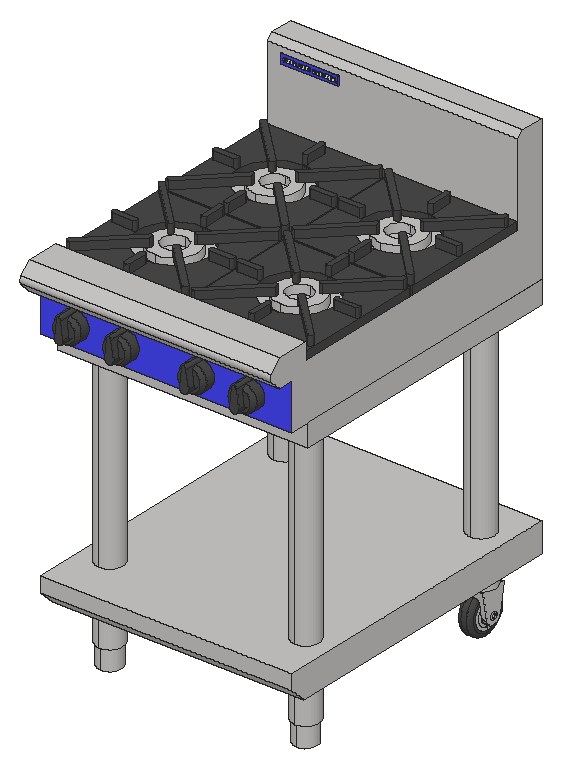
Revit family "QF_MOFFAT_BLUESEAL_CE_G514D-LS", category Specialty Equipment, Revit 2012 (continued)
Definition of nested family "GAS BURNER 600"
  Forms (mm)
    Extrusion 5, solid, material "QF_Finishes_Black"
      sketch origin (600, 0, 19.5) x (0, -1, 0) y (1, 0, 0)
        loop
          spline (561.898, -143.6) -> (560.604, -143.818) -> (559.398, -144.457) -> (558.362, -145.475) -> (557.568, -146.8) -> (557.068, -148.344) -> (556.898, -150) -> (557.068, -151.656) -> (557.568, -153.2) -> (558.362, -154.525) -> (559.398, -155.543) -> (560.604, -156.182) -> (561.898, -156.4)
          line (561.898, -156.4) -> (609.602, -156.4)
          spline (609.602, -156.4) -> (610.896, -156.182) -> (612.102, -155.543) -> (613.138, -154.525) -> (613.932, -153.2) -> (614.432, -151.656) -> (614.602, -150) -> (614.432, -148.344) -> (613.932, -146.8) -> (613.138, -145.475) -> (612.102, -144.457) -> (610.896, -143.818) -> (609.602, -143.6)
        loop
          spline (612.398, -15.153) -> (613.159, -14.084) -> (613.559, -12.779) -> (613.572, -11.328) -> (613.197, -9.829) -> (612.459, -8.384) -> (611.408, -7.092) -> (610.116, -6.041) -> (608.671, -5.303) -> (607.172, -4.928) -> (605.721, -4.941) -> (604.416, -5.341) -> (603.347, -6.102)
          line (603.347, -6.102) -> (496.924, -114.025)
          spline (496.924, -114.025) -> (496.163, -115.095) -> (495.762, -116.399) -> (495.749, -117.851) -> (496.125, -119.35) -> (496.863, -120.795) -> (497.914, -122.086) -> (499.205, -123.137) -> (500.65, -123.875) -> (502.149, -124.251) -> (503.601, -124.238) -> (504.905, -123.837) -> (505.975, -123.076)
          line (505.975, -123.076) -> (612.398, -15.153)
        loop
          spline (476.4, -8.898) -> (476.182, -7.604) -> (475.543, -6.398) -> (474.525, -5.362) -> (473.2, -4.568) -> (471.656, -4.068) -> (470, -3.898) -> (468.344, -4.068) -> (466.8, -4.568) -> (465.475, -5.362) -> (464.457, -6.398) -> (463.818, -7.604) -> (463.6, -8.898)
          line (463.6, -8.898) -> (463.6, -58.102)
          spline (463.6, -58.102) -> (463.818, -59.396) -> (464.457, -60.602) -> (465.475, -61.638) -> (466.8, -62.432) -> (468.344, -62.932) -> (470, -63.102) -> (471.656, -62.932) -> (473.2, -62.432) -> (474.525, -61.638) -> (475.543, -60.602) -> (476.182, -59.396) -> (476.4, -58.102)
          line (476.4, -58.102) -> (476.4, -8.898)
        loop
          line (22.602, -15.153) -> (130.525, -123.076)
          spline (130.525, -123.076) -> (131.595, -123.837) -> (132.899, -124.238) -> (134.351, -124.251) -> (135.85, -123.875) -> (137.295, -123.137) -> (138.586, -122.086) -> (139.637, -120.795) -> (140.375, -119.35) -> (140.751, -117.851) -> (140.738, -116.399) -> (140.337, -115.095) -> (139.576, -114.025)
          line (139.576, -114.025) -> (31.653, -6.102)
          spline (31.653, -6.102) -> (30.424, -5.181) -> (28.97, -4.631) -> (27.39, -4.49) -> (25.792, -4.767) -> (24.286, -5.443) -> (22.973, -6.473) -> (21.943, -7.786) -> (21.267, -9.292) -> (20.99, -10.89) -> (21.131, -12.47) -> (21.681, -13.924) -> (22.602, -15.153)
        loop
          line (25.398, -156.4) -> (74.602, -156.4)
          spline (74.602, -156.4) -> (75.896, -156.182) -> (77.102, -155.543) -> (78.138, -154.525) -> (78.932, -153.2) -> (79.432, -151.656) -> (79.602, -150) -> (79.432, -148.344) -> (78.932, -146.8) -> (78.138, -145.475) -> (77.102, -144.457) -> (75.896, -143.818) -> (74.602, -143.6)
          line (74.602, -143.6) -> (25.398, -143.6)
          spline (25.398, -143.6) -> (24.104, -143.818) -> (22.898, -144.457) -> (21.862, -145.475) -> (21.068, -146.8) -> (20.568, -148.344) -> (20.398, -150) -> (20.568, -151.656) -> (21.068, -153.2) -> (21.862, -154.525) -> (22.898, -155.543) -> (24.104, -156.182) -> (25.398, -156.4)
        loop
          line (31.653, -293.898) -> (139.576, -185.975)
          spline (139.576, -185.975) -> (140.337, -184.905) -> (140.738, -183.601) -> (140.751, -182.149) -> (140.375, -180.65) -> (139.637, -179.205) -> (138.586, -177.914) -> (137.295, -176.863) -> (135.85, -176.125) -> (134.351, -175.749) -> (132.899, -175.762) -> (131.595, -176.163) -> (130.525, -176.924)
          line (130.525, -176.924) -> (22.602, -284.847)
          spline (22.602, -284.847) -> (21.841, -285.916) -> (21.441, -287.221) -> (21.428, -288.672) -> (21.803, -290.171) -> (22.541, -291.616) -> (23.592, -292.908) -> (24.884, -293.959) -> (26.329, -294.697) -> (27.828, -295.072) -> (29.279, -295.059) -> (30.584, -294.659) -> (31.653, -293.898)
        loop
          spline (160.1, -291.102) -> (160.318, -292.396) -> (160.957, -293.602) -> (161.975, -294.638) -> (163.3, -295.432) -> (164.844, -295.932) -> (166.5, -296.102) -> (168.156, -295.932) -> (169.7, -295.432) -> (171.025, -294.638) -> (172.043, -293.602) -> (172.682, -292.396) -> (172.9, -291.102)
          line (172.9, -291.102) -> (172.9, -241.898)
          spline (172.9, -241.898) -> (172.682, -240.604) -> (172.043, -239.398) -> (171.025, -238.362) -> (169.7, -237.568) -> (168.156, -237.068) -> (166.5, -236.898) -> (164.844, -237.068) -> (163.3, -237.568) -> (161.975, -238.362) -> (160.957, -239.398) -> (160.318, -240.604) -> (160.1, -241.898)
          line (160.1, -241.898) -> (160.1, -291.102)
        loop
          line (313.898, -284.847) -> (202.475, -176.924)
          spline (202.475, -176.924) -> (201.405, -176.163) -> (200.101, -175.762) -> (198.649, -175.749) -> (197.15, -176.125) -> (195.705, -176.863) -> (194.414, -177.914) -> (193.363, -179.205) -> (192.625, -180.65) -> (192.249, -182.149) -> (192.262, -183.601) -> (192.663, -184.905) -> (193.424, -185.975)
          line (193.424, -185.975) -> (304.847, -293.898)
          spline (304.847, -293.898) -> (305.916, -294.659) -> (307.221, -295.059) -> (308.672, -295.072) -> (310.171, -294.697) -> (311.616, -293.959) -> (312.908, -292.908) -> (313.959, -291.616) -> (314.697, -290.171) -> (315.072, -288.672) -> (315.059, -287.221) -> (314.659, -285.916) -> (313.898, -284.847)
        loop
          line (311.102, -143.6) -> (261.898, -143.6)
          spline (261.898, -143.6) -> (260.604, -143.818) -> (259.398, -144.457) -> (258.362, -145.475) -> (257.568, -146.8) -> (257.068, -148.344) -> (256.898, -150) -> (257.068, -151.656) -> (257.568, -153.2) -> (258.362, -154.525) -> (259.398, -155.543) -> (260.604, -156.182) -> (261.898, -156.4)
          line (261.898, -156.4) -> (311.102, -156.4)
          spline (311.102, -156.4) -> (312.396, -156.182) -> (313.602, -155.543) -> (314.638, -154.525) -> (315.432, -153.2) -> (315.932, -151.656) -> (316.102, -150) -> (315.932, -148.344) -> (315.432, -146.8) -> (314.638, -145.475) -> (313.602, -144.457) -> (312.396, -143.818) -> (311.102, -143.6)
        loop
          spline (313.898, -15.153) -> (314.659, -14.084) -> (315.059, -12.779) -> (315.072, -11.328) -> (314.697, -9.829) -> (313.959, -8.384) -> (312.908, -7.092) -> (311.616, -6.041) -> (310.171, -5.303) -> (308.672, -4.928) -> (307.221, -4.941) -> (305.916, -5.341) -> (304.847, -6.102)
          line (304.847, -6.102) -> (193.424, -114.025)
          spline (193.424, -114.025) -> (192.663, -115.095) -> (192.262, -116.399) -> (192.249, -117.851) -> (192.625, -119.35) -> (193.363, -120.795) -> (194.414, -122.086) -> (195.705, -123.137) -> (197.15, -123.875) -> (198.649, -124.251) -> (200.101, -124.238) -> (201.405, -123.837) -> (202.475, -123.076)
          line (202.475, -123.076) -> (313.898, -15.153)
        loop
          spline (172.9, -8.898) -> (172.682, -7.604) -> (172.043, -6.398) -> (171.025, -5.362) -> (169.7, -4.568) -> (168.156, -4.068) -> (166.5, -3.898) -> (164.844, -4.068) -> (163.3, -4.568) -> (161.975, -5.362) -> (160.957, -6.398) -> (160.318, -7.604) -> (160.1, -8.898)
          line (160.1, -8.898) -> (160.1, -58.102)
          spline (160.1, -58.102) -> (160.318, -59.396) -> (160.957, -60.602) -> (161.975, -61.638) -> (163.3, -62.432) -> (164.844, -62.932) -> (166.5, -63.102) -> (168.156, -62.932) -> (169.7, -62.432) -> (171.025, -61.638) -> (172.043, -60.602) -> (172.682, -59.396) -> (172.9, -58.102)
          line (172.9, -58.102) -> (172.9, -8.898)
      from 0 to 20.5
    Extrusion 6, solid, material "QF_Finishes_Stainless Steel"
      sketch origin (600, -15.098, 0) x (0, -1, 0) y (1, 0, 0)
        loop
          circle (151.402, -150) r 57
        loop
          circle (451.402, -150) r 57
        loop
          circle (151.402, -150) r 30
        loop
          circle (451.402, -150) r 30
      from 0 to 20
  Lines and regions (mm)
    symbolic lines
      curve 1: line (284.847, -22.602, 0) -> (176.924, -130.525, 0)
      curve 2: spline (176.924, -130.525, 0) -> (176.163, -131.595, 0) -> (175.762, -132.899, 0) -> (175.749, -134.351, 0) -> (176.125, -135.85, 0) -> (176.863, -137.295, 0) -> (177.914, -138.586, 0) -> (179.205, -139.637, 0) -> (180.65, -140.375, 0) -> (182.149, -140.751, 0) -> (183.601, -140.738, 0) -> (184.905, -140.337, 0) -> (185.975, -139.576, 0)
      curve 3: line (185.975, -139.576, 0) -> (293.898, -31.653, 0)
      curve 4: spline (293.898, -31.653, 0) -> (294.659, -30.584, 0) -> (295.059, -29.279, 0) -> (295.072, -27.828, 0) -> (294.697, -26.329, 0) -> (293.959, -24.884, 0) -> (292.908, -23.592, 0) -> (291.616, -22.541, 0) -> (290.171, -21.803, 0) -> (288.672, -21.428, 0) -> (287.221, -21.441, 0) -> (285.916, -21.841, 0) -> (284.847, -22.602, 0)
      curve 5: line (291.102, -160.1, 0) -> (241.898, -160.1, 0)
      curve 6: spline (241.898, -160.1, 0) -> (240.604, -160.318, 0) -> (239.398, -160.957, 0) -> (238.362, -161.975, 0) -> (237.568, -163.3, 0) -> (237.068, -164.844, 0) -> (236.898, -166.5, 0) -> (237.068, -168.156, 0) -> (237.568, -169.7, 0) -> (238.362, -171.025, 0) -> (239.398, -172.043, 0) -> (240.604, -172.682, 0) -> (241.898, -172.9, 0)
      curve 7: line (241.898, -172.9, 0) -> (291.102, -172.9, 0)
      curve 8: spline (291.102, -172.9, 0) -> (292.396, -172.682, 0) -> (293.602, -172.043, 0) -> (294.638, -171.025, 0) -> (295.432, -169.7, 0) -> (295.932, -168.156, 0) -> (296.102, -166.5, 0) -> (295.932, -164.844, 0) -> (295.432, -163.3, 0) -> (294.638, -161.975, 0) -> (293.602, -160.957, 0) -> (292.396, -160.318, 0) -> (291.102, -160.1, 0)
      curve 9: line (306.102, -31.653, 0) -> (414.025, -139.576, 0)
      curve 10: spline (414.025, -139.576, 0) -> (415.095, -140.337, 0) -> (416.399, -140.738, 0) -> (417.851, -140.751, 0) -> (419.35, -140.375, 0) -> (420.795, -139.637, 0) -> (422.086, -138.586, 0) -> (423.137, -137.295, 0) -> (423.875, -135.85, 0) -> (424.251, -134.351, 0) -> (424.238, -132.899, 0) -> (423.837, -131.595, 0) -> (423.076, -130.525, 0)
      curve 11: line (423.076, -130.525, 0) -> (315.153, -22.602, 0)
      curve 12: spline (315.153, -22.602, 0) -> (314.084, -21.841, 0) -> (312.779, -21.441, 0) -> (311.328, -21.428, 0) -> (309.829, -21.803, 0) -> (308.384, -22.541, 0) -> (307.092, -23.592, 0) -> (306.041, -24.884, 0) -> (305.303, -26.329, 0) -> (304.928, -27.828, 0) -> (304.941, -29.279, 0) -> (305.341, -30.584, 0) -> (306.102, -31.653, 0)
      curve 13: line (443.6, -25.398, 0) -> (443.6, -74.602, 0)
      curve 14: spline (443.6, -74.602, 0) -> (443.818, -75.896, 0) -> (444.457, -77.102, 0) -> (445.475, -78.138, 0) -> (446.8, -78.932, 0) -> (448.344, -79.432, 0) -> (450, -79.602, 0) -> (451.656, -79.432, 0) -> (453.2, -78.932, 0) -> (454.525, -78.138, 0) -> (455.543, -77.102, 0) -> (456.182, -75.896, 0) -> (456.4, -74.602, 0)
      curve 15: line (456.4, -74.602, 0) -> (456.4, -25.398, 0)
      curve 16: spline (456.4, -25.398, 0) -> (456.182, -24.104, 0) -> (455.543, -22.898, 0) -> (454.525, -21.862, 0) -> (453.2, -21.068, 0) -> (451.656, -20.568, 0) -> (450, -20.398, 0) -> (448.344, -20.568, 0) -> (446.8, -21.068, 0) -> (445.475, -21.862, 0) -> (444.457, -22.898, 0) -> (443.818, -24.104, 0) -> (443.6, -25.398, 0)
      curve 17: line (584.847, -22.602, 0) -> (476.924, -130.525, 0)
      curve 18: spline (476.924, -130.525, 0) -> (476.163, -131.595, 0) -> (475.762, -132.899, 0) -> (475.749, -134.351, 0) -> (476.125, -135.85, 0) -> (476.863, -137.295, 0) -> (477.914, -138.586, 0) -> (479.205, -139.637, 0) -> (480.65, -140.375, 0) -> (482.149, -140.751, 0) -> (483.601, -140.738, 0) -> (484.905, -140.337, 0) -> (485.975, -139.576, 0)
      curve 19: line (485.975, -139.576, 0) -> (593.898, -31.653, 0)
      curve 20: spline (593.898, -31.653, 0) -> (594.819, -30.424, 0) -> (595.369, -28.97, 0) -> (595.51, -27.39, 0) -> (595.233, -25.792, 0) -> (594.557, -24.286, 0) -> (593.527, -22.973, 0) -> (592.214, -21.943, 0) -> (590.708, -21.267, 0) -> (589.11, -20.99, 0) -> (587.53, -21.131, 0) -> (586.076, -21.681, 0) -> (584.847, -22.602, 0)
      curve 21: line (591.102, -160.1, 0) -> (541.898, -160.1, 0)
      curve 22: spline (541.898, -160.1, 0) -> (540.604, -160.318, 0) -> (539.398, -160.957, 0) -> (538.362, -161.975, 0) -> (537.568, -163.3, 0) -> (537.068, -164.844, 0) -> (536.898, -166.5, 0) -> (537.068, -168.156, 0) -> (537.568, -169.7, 0) -> (538.362, -171.025, 0) -> (539.398, -172.043, 0) -> (540.604, -172.682, 0) -> (541.898, -172.9, 0)
      curve 23: line (541.898, -172.9, 0) -> (591.102, -172.9, 0)
      curve 24: spline (591.102, -172.9, 0) -> (592.396, -172.682, 0) -> (593.602, -172.043, 0) -> (594.638, -171.025, 0) -> (595.432, -169.7, 0) -> (595.932, -168.156, 0) -> (596.102, -166.5, 0) -> (595.932, -164.844, 0) -> (595.432, -163.3, 0) -> (594.638, -161.975, 0) -> (593.602, -160.957, 0) -> (592.396, -160.318, 0) -> (591.102, -160.1, 0)
      curve 25: line (593.898, -304.847, 0) -> (485.975, -193.424, 0)
      curve 26: spline (485.975, -193.424, 0) -> (484.905, -192.663, 0) -> (483.601, -192.262, 0) -> (482.149, -192.249, 0) -> (480.65, -192.625, 0) -> (479.205, -193.363, 0) -> (477.914, -194.414, 0) -> (476.863, -195.705, 0) -> (476.125, -197.15, 0) -> (475.749, -198.649, 0) -> (475.762, -200.101, 0) -> (476.163, -201.405, 0) -> (476.924, -202.475, 0)
      curve 27: line (476.924, -202.475, 0) -> (584.847, -313.898, 0)
      curve 28: spline (584.847, -313.898, 0) -> (585.916, -314.659, 0) -> (587.221, -315.059, 0) -> (588.672, -315.072, 0) -> (590.171, -314.697, 0) -> (591.616, -313.959, 0) -> (592.908, -312.908, 0) -> (593.959, -311.616, 0) -> (594.697, -310.171, 0) -> (595.072, -308.672, 0) -> (595.059, -307.221, 0) -> (594.659, -305.916, 0) -> (593.898, -304.847, 0)
      curve 29: arc (450, -223.5, 0) -> (468.725, -220.336, 0) -> (485.372, -211.197, 0) r 57
      curve 30: arc (450, -109.5, 0) -> (431.183, -112.696, 0) -> (414.475, -121.924, 0) r 57
      curve 31: arc (450.009, -84.418, 0) -> (478.534, -89.404, 0) -> (503.676, -103.773, 0) r 84.082
      curve 32: arc (450.009, -252.582, 0) -> (420.453, -247.216, 0) -> (394.669, -231.803, 0) r 84.082
      curve 33: arc (450, -136.5, 0) -> (480, -166.5, 0) -> (450, -196.5, 0) r 30
      curve 34: arc (450, -196.5, 0) -> (420, -166.5, 0) -> (450, -136.5, 0) r 30
      curve 35: arc (150, -223.5, 0) -> (168.725, -220.336, 0) -> (185.372, -211.197, 0) r 57
      curve 36: arc (150, -109.5, 0) -> (131.183, -112.696, 0) -> (114.475, -121.924, 0) r 57
      curve 37: arc (149.991, -84.418, 0) -> (178.523, -89.406, 0) -> (203.668, -103.781, 0) r 84.082
      curve 38: arc (149.991, -252.582, 0) -> (120.441, -247.219, 0) -> (94.661, -231.812, 0) r 84.082
      curve 39: line (156.4, -74.602, 0) -> (156.4, -25.398, 0)
      curve 40: spline (156.4, -25.398, 0) -> (156.182, -24.104, 0) -> (155.543, -22.898, 0) -> (154.525, -21.862, 0) -> (153.2, -21.068, 0) -> (151.656, -20.568, 0) -> (150, -20.398, 0) -> (148.344, -20.568, 0) -> (146.8, -21.068, 0) -> (145.475, -21.862, 0) -> (144.457, -22.898, 0) -> (143.818, -24.104, 0) -> (143.6, -25.398, 0)
      curve 41: line (143.6, -25.398, 0) -> (143.6, -74.602, 0)
      curve 42: spline (143.6, -74.602, 0) -> (143.818, -75.896, 0) -> (144.457, -77.102, 0) -> (145.475, -78.138, 0) -> (146.8, -78.932, 0) -> (148.344, -79.432, 0) -> (150, -79.602, 0) -> (151.656, -79.432, 0) -> (153.2, -78.932, 0) -> (154.525, -78.138, 0) -> (155.543, -77.102, 0) -> (156.182, -75.896, 0) -> (156.4, -74.602, 0)
      curve 43: line (358.102, -160.1, 0) -> (308.898, -160.1, 0)
      curve 44: spline (308.898, -160.1, 0) -> (307.604, -160.318, 0) -> (306.398, -160.957, 0) -> (305.362, -161.975, 0) -> (304.568, -163.3, 0) -> (304.068, -164.844, 0) -> (303.898, -166.5, 0) -> (304.068, -168.156, 0) -> (304.568, -169.7, 0) -> (305.362, -171.025, 0) -> (306.398, -172.043, 0) -> (307.604, -172.682, 0) -> (308.898, -172.9, 0)
      curve 45: line (308.898, -172.9, 0) -> (358.102, -172.9, 0)
      curve 46: spline (358.102, -172.9, 0) -> (359.396, -172.682, 0) -> (360.602, -172.043, 0) -> (361.638, -171.025, 0) -> (362.432, -169.7, 0) -> (362.932, -168.156, 0) -> (363.102, -166.5, 0) -> (362.932, -164.844, 0) -> (362.432, -163.3, 0) -> (361.638, -161.975, 0) -> (360.602, -160.957, 0) -> (359.396, -160.318, 0) -> (358.102, -160.1, 0)
      curve 47: line (414.025, -193.424, 0) -> (306.102, -304.847, 0)
      curve 48: spline (306.102, -304.847, 0) -> (305.341, -305.916, 0) -> (304.941, -307.221, 0) -> (304.928, -308.672, 0) -> (305.303, -310.171, 0) -> (306.041, -311.616, 0) -> (307.092, -312.908, 0) -> (308.384, -313.959, 0) -> (309.829, -314.697, 0) -> (311.328, -315.072, 0) -> (312.779, -315.059, 0) -> (314.084, -314.659, 0) -> (315.153, -313.898, 0)
      curve 49: line (315.153, -313.898, 0) -> (423.076, -202.475, 0)
      curve 50: spline (423.076, -202.475, 0) -> (423.837, -201.405, 0) -> (424.238, -200.101, 0) -> (424.251, -198.649, 0) -> (423.875, -197.15, 0) -> (423.137, -195.705, 0) -> (422.086, -194.414, 0) -> (420.795, -193.363, 0) -> (419.35, -192.625, 0) -> (417.851, -192.249, 0) -> (416.399, -192.262, 0) -> (415.095, -192.663, 0) -> (414.025, -193.424, 0)
      curve 51: line (456.4, -311.102, 0) -> (456.4, -261.898, 0)
      curve 52: spline (456.4, -261.898, 0) -> (456.182, -260.604, 0) -> (455.543, -259.398, 0) -> (454.525, -258.362, 0) -> (453.2, -257.568, 0) -> (451.656, -257.068, 0) -> (450, -256.898, 0) -> (448.344, -257.068, 0) -> (446.8, -257.568, 0) -> (445.475, -258.362, 0) -> (444.457, -259.398, 0) -> (443.818, -260.604, 0) -> (443.6, -261.898, 0)
      curve 53: line (443.6, -261.898, 0) -> (443.6, -311.102, 0)
      curve 54: spline (443.6, -311.102, 0) -> (443.818, -312.396, 0) -> (444.457, -313.602, 0) -> (445.475, -314.638, 0) -> (446.8, -315.432, 0) -> (448.344, -315.932, 0) -> (450, -316.102, 0) -> (451.656, -315.932, 0) -> (453.2, -315.432, 0) -> (454.525, -314.638, 0) -> (455.543, -313.602, 0) -> (456.182, -312.396, 0) -> (456.4, -311.102, 0)
      curve 55: line (596, 0, 0) -> (304, 0, 0)
      curve 56: arc (304, 0, 0) -> (301.879, -0.879, 0) -> (301, -3, 0) r 3
      curve 57: line (301, -3, 0) -> (301, -315.5, 0)
      curve 58: arc (301, -315.5, 0) -> (301.879, -317.621, 0) -> (304, -318.5, 0) r 3
      curve 59: line (304, -318.5, 0) -> (596, -318.5, 0)
      curve 60: arc (596, -318.5, 0) -> (598.121, -317.621, 0) -> (599, -315.5, 0) r 3
      curve 61: line (599, -315.5, 0) -> (599, -3, 0)
      curve 62: arc (599, -3, 0) -> (598.121, -0.879, 0) -> (596, 0, 0) r 3
      curve 63: line (296, 0, 0) -> (4, 0, 0)
      curve 64: arc (4, 0, 0) -> (1.879, -0.879, 0) -> (1, -3, 0) r 3
      curve 65: line (1, -3, 0) -> (1, -315.5, 0)
      curve 66: arc (1, -315.5, 0) -> (1.879, -317.621, 0) -> (4, -318.5, 0) r 3
      curve 67: line (4, -318.5, 0) -> (296, -318.5, 0)
      curve 68: arc (296, -318.5, 0) -> (298.121, -317.621, 0) -> (299, -315.5, 0) r 3
      curve 69: line (299, -315.5, 0) -> (299, -3, 0)
      curve 70: arc (299, -3, 0) -> (298.121, -0.879, 0) -> (296, 0, 0) r 3
      curve 71: line (296, -321.5, 0) -> (4, -321.5, 0)
      curve 72: arc (4, -321.5, 0) -> (1.879, -322.379, 0) -> (1, -324.5, 0) r 3
      curve 73: line (1, -324.5, 0) -> (1, -632, 0)
      curve 74: arc (1, -632, 0) -> (1.879, -634.121, 0) -> (4, -635, 0) r 3
      curve 75: line (4, -635, 0) -> (296, -635, 0)
      curve 76: arc (296, -635, 0) -> (298.121, -634.121, 0) -> (299, -632, 0) r 3
      curve 77: line (299, -632, 0) -> (299, -324.5, 0)
      curve 78: arc (299, -324.5, 0) -> (298.121, -322.379, 0) -> (296, -321.5, 0) r 3
      curve 79: line (596, -321.5, 0) -> (304, -321.5, 0)
      curve 80: arc (304, -321.5, 0) -> (301.879, -322.379, 0) -> (301, -324.5, 0) r 3
      curve 81: line (301, -324.5, 0) -> (301, -632, 0)
      curve 82: arc (301, -632, 0) -> (301.879, -634.121, 0) -> (304, -635, 0) r 3
      curve 83: line (304, -635, 0) -> (596, -635, 0)
      curve 84: arc (596, -635, 0) -> (598.121, -634.121, 0) -> (599, -632, 0) r 3
      curve 85: line (599, -632, 0) -> (599, -324.5, 0)
      curve 86: arc (599, -324.5, 0) -> (598.121, -322.379, 0) -> (596, -321.5, 0) r 3
      curve 87: line (293.898, -304.847, 0) -> (185.975, -193.424, 0)
      curve 88: spline (185.975, -193.424, 0) -> (184.905, -192.663, 0) -> (183.601, -192.262, 0) -> (182.149, -192.249, 0) -> (180.65, -192.625, 0) -> (179.205, -193.363, 0) -> (177.914, -194.414, 0) -> (176.863, -195.705, 0) -> (176.125, -197.15, 0) -> (175.749, -198.649, 0) -> (175.762, -200.101, 0) -> (176.163, -201.405, 0) -> (176.924, -202.475, 0)
      curve 89: line (176.924, -202.475, 0) -> (284.847, -313.898, 0)
      curve 90: spline (284.847, -313.898, 0) -> (285.916, -314.659, 0) -> (287.221, -315.059, 0) -> (288.672, -315.072, 0) -> (290.171, -314.697, 0) -> (291.616, -313.959, 0) -> (292.908, -312.908, 0) -> (293.959, -311.616, 0) -> (294.697, -310.171, 0) -> (295.072, -308.672, 0) -> (295.059, -307.221, 0) -> (294.659, -305.916, 0) -> (293.898, -304.847, 0)
      curve 91: line (15.153, -313.898, 0) -> (123.076, -202.475, 0)
      curve 92: spline (123.076, -202.475, 0) -> (123.837, -201.405, 0) -> (124.238, -200.101, 0) -> (124.251, -198.649, 0) -> (123.875, -197.15, 0) -> (123.137, -195.705, 0) -> (122.086, -194.414, 0) -> (120.795, -193.363, 0) -> (119.35, -192.625, 0) -> (117.851, -192.249, 0) -> (116.399, -192.262, 0) -> (115.095, -192.663, 0) -> (114.025, -193.424, 0)
      curve 93: line (114.025, -193.424, 0) -> (6.102, -304.847, 0)
      curve 94: spline (6.102, -304.847, 0) -> (5.341, -305.916, 0) -> (4.941, -307.221, 0) -> (4.928, -308.672, 0) -> (5.303, -310.171, 0) -> (6.041, -311.616, 0) -> (7.092, -312.908, 0) -> (8.384, -313.959, 0) -> (9.829, -314.697, 0) -> (11.328, -315.072, 0) -> (12.779, -315.059, 0) -> (14.084, -314.659, 0) -> (15.153, -313.898, 0)
      curve 95: line (8.898, -172.9, 0) -> (58.102, -172.9, 0)
      curve 96: spline (58.102, -172.9, 0) -> (59.396, -172.682, 0) -> (60.602, -172.043, 0) -> (61.638, -171.025, 0) -> (62.432, -169.7, 0) -> (62.932, -168.156, 0) -> (63.102, -166.5, 0) -> (62.932, -164.844, 0) -> (62.432, -163.3, 0) -> (61.638, -161.975, 0) -> (60.602, -160.957, 0) -> (59.396, -160.318, 0) -> (58.102, -160.1, 0)
      curve 97: line (58.102, -160.1, 0) -> (8.898, -160.1, 0)
      curve 98: spline (8.898, -160.1, 0) -> (7.604, -160.318, 0) -> (6.398, -160.957, 0) -> (5.362, -161.975, 0) -> (4.568, -163.3, 0) -> (4.068, -164.844, 0) -> (3.898, -166.5, 0) -> (4.068, -168.156, 0) -> (4.568, -169.7, 0) -> (5.362, -171.025, 0) -> (6.398, -172.043, 0) -> (7.604, -172.682, 0) -> (8.898, -172.9, 0)
      curve 99: line (6.102, -31.653, 0) -> (114.025, -139.576, 0)
      curve 100: spline (114.025, -139.576, 0) -> (115.095, -140.337, 0) -> (116.399, -140.738, 0) -> (117.851, -140.751, 0) -> (119.35, -140.375, 0) -> (120.795, -139.637, 0) -> (122.086, -138.586, 0) -> (123.137, -137.295, 0) -> (123.875, -135.85, 0) -> (124.251, -134.351, 0) -> (124.238, -132.899, 0) -> (123.837, -131.595, 0) -> (123.076, -130.525, 0)
      curve 101: line (123.076, -130.525, 0) -> (15.153, -22.602, 0)
      curve 102: spline (15.153, -22.602, 0) -> (13.924, -21.681, 0) -> (12.47, -21.131, 0) -> (10.89, -20.99, 0) -> (9.292, -21.267, 0) -> (7.786, -21.943, 0) -> (6.473, -22.973, 0) -> (5.443, -24.286, 0) -> (4.767, -25.792, 0) -> (4.49, -27.39, 0) -> (4.631, -28.97, 0) -> (5.181, -30.424, 0) -> (6.102, -31.653, 0)
      curve 103: arc (150, -136.5, 0) -> (180, -166.5, 0) -> (150, -196.5, 0) r 30
      curve 104: arc (150, -196.5, 0) -> (120, -166.5, 0) -> (150, -136.5, 0) r 30
      curve 105: line (156.4, -311.102, 0) -> (156.4, -261.898, 0)
      curve 106: spline (156.4, -261.898, 0) -> (156.182, -260.604, 0) -> (155.543, -259.398, 0) -> (154.525, -258.362, 0) -> (153.2, -257.568, 0) -> (151.656, -257.068, 0) -> (150, -256.898, 0) -> (148.344, -257.068, 0) -> (146.8, -257.568, 0) -> (145.475, -258.362, 0) -> (144.457, -259.398, 0) -> (143.818, -260.604, 0) -> (143.6, -261.898, 0)
      curve 107: line (143.6, -261.898, 0) -> (143.6, -311.102, 0)
      curve 108: spline (143.6, -311.102, 0) -> (143.818, -312.396, 0) -> (144.457, -313.602, 0) -> (145.475, -314.638, 0) -> (146.8, -315.432, 0) -> (148.344, -315.932, 0) -> (150, -316.102, 0) -> (151.656, -315.932, 0) -> (153.2, -315.432, 0) -> (154.525, -314.638, 0) -> (155.543, -313.602, 0) -> (156.182, -312.396, 0) -> (156.4, -311.102, 0)
      curve 109: line (156.4, -378.102, 0) -> (156.4, -328.898, 0)
      curve 110: spline (156.4, -328.898, 0) -> (156.182, -327.604, 0) -> (155.543, -326.398, 0) -> (154.525, -325.362, 0) -> (153.2, -324.568, 0) -> (151.656, -324.068, 0) -> (150, -323.898, 0) -> (148.344, -324.068, 0) -> (146.8, -324.568, 0) -> (145.475, -325.362, 0) -> (144.457, -326.398, 0) -> (143.818, -327.604, 0) -> (143.6, -328.898, 0)
      curve 111: line (143.6, -328.898, 0) -> (143.6, -378.102, 0)
      curve 112: spline (143.6, -378.102, 0) -> (143.818, -379.396, 0) -> (144.457, -380.602, 0) -> (145.475, -381.638, 0) -> (146.8, -382.432, 0) -> (148.344, -382.932, 0) -> (150, -383.102, 0) -> (151.656, -382.932, 0) -> (153.2, -382.432, 0) -> (154.525, -381.638, 0) -> (155.543, -380.602, 0) -> (156.182, -379.396, 0) -> (156.4, -378.102, 0)
      curve 113: line (284.847, -326.102, 0) -> (176.924, -434.025, 0)
      curve 114: spline (176.924, -434.025, 0) -> (176.163, -435.095, 0) -> (175.762, -436.399, 0) -> (175.749, -437.851, 0) -> (176.125, -439.35, 0) -> (176.863, -440.795, 0) -> (177.914, -442.086, 0) -> (179.205, -443.137, 0) -> (180.65, -443.875, 0) -> (182.149, -444.251, 0) -> (183.601, -444.238, 0) -> (184.905, -443.837, 0) -> (185.975, -443.076, 0)
      curve 115: line (185.975, -443.076, 0) -> (293.898, -335.153, 0)
      curve 116: spline (293.898, -335.153, 0) -> (294.659, -334.084, 0) -> (295.059, -332.779, 0) -> (295.072, -331.328, 0) -> (294.697, -329.829, 0) -> (293.959, -328.384, 0) -> (292.908, -327.092, 0) -> (291.616, -326.041, 0) -> (290.171, -325.303, 0) -> (288.672, -324.928, 0) -> (287.221, -324.941, 0) -> (285.916, -325.341, 0) -> (284.847, -326.102, 0)
      curve 117: line (123.076, -434.025, 0) -> (15.153, -326.102, 0)
      curve 118: spline (15.153, -326.102, 0) -> (13.924, -325.181, 0) -> (12.47, -324.631, 0) -> (10.89, -324.49, 0) -> (9.292, -324.767, 0) -> (7.786, -325.443, 0) -> (6.473, -326.473, 0) -> (5.443, -327.786, 0) -> (4.767, -329.292, 0) -> (4.49, -330.89, 0) -> (4.631, -332.47, 0) -> (5.181, -333.924, 0) -> (6.102, -335.153, 0)
      curve 119: line (6.102, -335.153, 0) -> (114.025, -443.076, 0)
      curve 120: spline (114.025, -443.076, 0) -> (115.095, -443.837, 0) -> (116.399, -444.238, 0) -> (117.851, -444.251, 0) -> (119.35, -443.875, 0) -> (120.795, -443.137, 0) -> (122.086, -442.086, 0) -> (123.137, -440.795, 0) -> (123.875, -439.35, 0) -> (124.251, -437.851, 0) -> (124.238, -436.399, 0) -> (123.837, -435.095, 0) -> (123.076, -434.025, 0)
      curve 121: line (58.102, -463.6, 0) -> (8.898, -463.6, 0)
      curve 122: spline (8.898, -463.6, 0) -> (7.604, -463.818, 0) -> (6.398, -464.457, 0) -> (5.362, -465.475, 0) -> (4.568, -466.8, 0) -> (4.068, -468.344, 0) -> (3.898, -470, 0) -> (4.068, -471.656, 0) -> (4.568, -473.2, 0) -> (5.362, -474.525, 0) -> (6.398, -475.543, 0) -> (7.604, -476.182, 0) -> (8.898, -476.4, 0)
      curve 123: line (8.898, -476.4, 0) -> (58.102, -476.4, 0)
      curve 124: spline (58.102, -476.4, 0) -> (59.396, -476.182, 0) -> (60.602, -475.543, 0) -> (61.638, -474.525, 0) -> (62.432, -473.2, 0) -> (62.932, -471.656, 0) -> (63.102, -470, 0) -> (62.932, -468.344, 0) -> (62.432, -466.8, 0) -> (61.638, -465.475, 0) -> (60.602, -464.457, 0) -> (59.396, -463.818, 0) -> (58.102, -463.6, 0)
      curve 125: line (114.025, -496.924, 0) -> (6.102, -603.347, 0)
      curve 126: spline (6.102, -603.347, 0) -> (5.341, -604.416, 0) -> (4.941, -605.721, 0) -> (4.928, -607.172, 0) -> (5.303, -608.671, 0) -> (6.041, -610.116, 0) -> (7.092, -611.408, 0) -> (8.384, -612.459, 0) -> (9.829, -613.197, 0) -> (11.328, -613.572, 0) -> (12.779, -613.559, 0) -> (14.084, -613.159, 0) -> (15.153, -612.398, 0)
      curve 127: line (15.153, -612.398, 0) -> (123.076, -505.975, 0)
      curve 128: spline (123.076, -505.975, 0) -> (123.837, -504.905, 0) -> (124.238, -503.601, 0) -> (124.251, -502.149, 0) -> (123.875, -500.65, 0) -> (123.137, -499.205, 0) -> (122.086, -497.914, 0) -> (120.795, -496.863, 0) -> (119.35, -496.125, 0) -> (117.851, -495.749, 0) -> (116.399, -495.762, 0) -> (115.095, -496.163, 0) -> (114.025, -496.924, 0)
      curve 129: line (156.4, -609.602, 0) -> (156.4, -561.898, 0)
      curve 130: spline (156.4, -561.898, 0) -> (156.182, -560.604, 0) -> (155.543, -559.398, 0) -> (154.525, -558.362, 0) -> (153.2, -557.568, 0) -> (151.656, -557.068, 0) -> (150, -556.898, 0) -> (148.344, -557.068, 0) -> (146.8, -557.568, 0) -> (145.475, -558.362, 0) -> (144.457, -559.398, 0) -> (143.818, -560.604, 0) -> (143.6, -561.898, 0)
      curve 131: line (143.6, -561.898, 0) -> (143.6, -609.602, 0)
      curve 132: spline (143.6, -609.602, 0) -> (143.818, -610.896, 0) -> (144.457, -612.102, 0) -> (145.475, -613.138, 0) -> (146.8, -613.932, 0) -> (148.344, -614.432, 0) -> (150, -614.602, 0) -> (151.656, -614.432, 0) -> (153.2, -613.932, 0) -> (154.525, -613.138, 0) -> (155.543, -612.102, 0) -> (156.182, -610.896, 0) -> (156.4, -609.602, 0)
      curve 133: line (176.924, -505.975, 0) -> (284.847, -612.398, 0)
      curve 134: spline (284.847, -612.398, 0) -> (285.916, -613.159, 0) -> (287.221, -613.559, 0) -> (288.672, -613.572, 0) -> (290.171, -613.197, 0) -> (291.616, -612.459, 0) -> (292.908, -611.408, 0) -> (293.959, -610.116, 0) -> (294.697, -608.671, 0) -> (295.072, -607.172, 0) -> (295.059, -605.721, 0) -> (294.659, -604.416, 0) -> (293.898, -603.347, 0)
      curve 135: line (293.898, -603.347, 0) -> (185.975, -496.924, 0)
      curve 136: spline (185.975, -496.924, 0) -> (184.905, -496.163, 0) -> (183.601, -495.762, 0) -> (182.149, -495.749, 0) -> (180.65, -496.125, 0) -> (179.205, -496.863, 0) -> (177.914, -497.914, 0) -> (176.863, -499.205, 0) -> (176.125, -500.65, 0) -> (175.749, -502.149, 0) -> (175.762, -503.601, 0) -> (176.163, -504.905, 0) -> (176.924, -505.975, 0)
      curve 137: arc (149.991, -384.418, 0) -> (179.687, -389.836, 0) -> (205.556, -405.393, 0) r 84.082
      curve 138: arc (149.991, -552.582, 0) -> (121.173, -547.489, 0) -> (95.845, -532.827, 0) r 84.082
      curve 139: arc (150, -523.5, 0) -> (167.666, -520.693, 0) -> (183.592, -512.55, 0) r 57
      curve 140: arc (150, -409.5, 0) -> (130.014, -413.119, 0) -> (112.566, -423.515, 0) r 57
      curve 141: arc (150, -436.5, 0) -> (180, -466.5, 0) -> (150, -496.5, 0) r 30
      curve 142: arc (150, -496.5, 0) -> (120, -466.5, 0) -> (150, -436.5, 0) r 30
      curve 143: line (291.102, -463.6, 0) -> (241.898, -463.6, 0)
      curve 144: spline (241.898, -463.6, 0) -> (240.604, -463.818, 0) -> (239.398, -464.457, 0) -> (238.362, -465.475, 0) -> (237.568, -466.8, 0) -> (237.068, -468.344, 0) -> (236.898, -470, 0) -> (237.068, -471.656, 0) -> (237.568, -473.2, 0) -> (238.362, -474.525, 0) -> (239.398, -475.543, 0) -> (240.604, -476.182, 0) -> (241.898, -476.4, 0)
      curve 145: line (241.898, -476.4, 0) -> (291.102, -476.4, 0)
      curve 146: spline (291.102, -476.4, 0) -> (292.396, -476.182, 0) -> (293.602, -475.543, 0) -> (294.638, -474.525, 0) -> (295.432, -473.2, 0) -> (295.932, -471.656, 0) -> (296.102, -470, 0) -> (295.932, -468.344, 0) -> (295.432, -466.8, 0) -> (294.638, -465.475, 0) -> (293.602, -464.457, 0) -> (292.396, -463.818, 0) -> (291.102, -463.6, 0)
      curve 147: line (423.076, -434.025, 0) -> (315.153, -326.102, 0)
      curve 148: spline (315.153, -326.102, 0) -> (314.084, -325.341, 0) -> (312.779, -324.941, 0) -> (311.328, -324.928, 0) -> (309.829, -325.303, 0) -> (308.384, -326.041, 0) -> (307.092, -327.092, 0) -> (306.041, -328.384, 0) -> (305.303, -329.829, 0) -> (304.928, -331.328, 0) -> (304.941, -332.779, 0) -> (305.341, -334.084, 0) -> (306.102, -335.153, 0)
      curve 149: line (306.102, -335.153, 0) -> (414.025, -443.076, 0)
      curve 150: spline (414.025, -443.076, 0) -> (415.095, -443.837, 0) -> (416.399, -444.238, 0) -> (417.851, -444.251, 0) -> (419.35, -443.875, 0) -> (420.795, -443.137, 0) -> (422.086, -442.086, 0) -> (423.137, -440.795, 0) -> (423.875, -439.35, 0) -> (424.251, -437.851, 0) -> (424.238, -436.399, 0) -> (423.837, -435.095, 0) -> (423.076, -434.025, 0)
      curve 151: line (443.6, -328.898, 0) -> (443.6, -378.102, 0)
      curve 152: spline (443.6, -378.102, 0) -> (443.818, -379.396, 0) -> (444.457, -380.602, 0) -> (445.475, -381.638, 0) -> (446.8, -382.432, 0) -> (448.344, -382.932, 0) -> (450, -383.102, 0) -> (451.656, -382.932, 0) -> (453.2, -382.432, 0) -> (454.525, -381.638, 0) -> (455.543, -380.602, 0) -> (456.182, -379.396, 0) -> (456.4, -378.102, 0)
      curve 153: line (456.4, -378.102, 0) -> (456.4, -328.898, 0)
      curve 154: spline (456.4, -328.898, 0) -> (456.182, -327.604, 0) -> (455.543, -326.398, 0) -> (454.525, -325.362, 0) -> (453.2, -324.568, 0) -> (451.656, -324.068, 0) -> (450, -323.898, 0) -> (448.344, -324.068, 0) -> (446.8, -324.568, 0) -> (445.475, -325.362, 0) -> (444.457, -326.398, 0) -> (443.818, -327.604, 0) -> (443.6, -328.898, 0)
      curve 155: line (584.847, -326.102, 0) -> (476.924, -434.025, 0)
      curve 156: spline (476.924, -434.025, 0) -> (476.163, -435.095, 0) -> (475.762, -436.399, 0) -> (475.749, -437.851, 0) -> (476.125, -439.35, 0) -> (476.863, -440.795, 0) -> (477.914, -442.086, 0) -> (479.205, -443.137, 0) -> (480.65, -443.875, 0) -> (482.149, -444.251, 0) -> (483.601, -444.238, 0) -> (484.905, -443.837, 0) -> (485.975, -443.076, 0)
      curve 157: line (485.975, -443.076, 0) -> (593.898, -335.153, 0)
      curve 158: spline (593.898, -335.153, 0) -> (594.819, -333.924, 0) -> (595.369, -332.47, 0) -> (595.51, -330.89, 0) -> (595.233, -329.292, 0) -> (594.557, -327.786, 0) -> (593.527, -326.473, 0) -> (592.214, -325.443, 0) -> (590.708, -324.767, 0) -> (589.11, -324.49, 0) -> (587.53, -324.631, 0) -> (586.076, -325.181, 0) -> (584.847, -326.102, 0)
      curve 159: line (591.102, -463.6, 0) -> (541.898, -463.6, 0)
      curve 160: spline (541.898, -463.6, 0) -> (540.604, -463.818, 0) -> (539.398, -464.457, 0) -> (538.362, -465.475, 0) -> (537.568, -466.8, 0) -> (537.068, -468.344, 0) -> (536.898, -470, 0) -> (537.068, -471.656, 0) -> (537.568, -473.2, 0) -> (538.362, -474.525, 0) -> (539.398, -475.543, 0) -> (540.604, -476.182, 0) -> (541.898, -476.4, 0)
      curve 161: line (541.898, -476.4, 0) -> (591.102, -476.4, 0)
      curve 162: spline (591.102, -476.4, 0) -> (592.396, -476.182, 0) -> (593.602, -475.543, 0) -> (594.638, -474.525, 0) -> (595.432, -473.2, 0) -> (595.932, -471.656, 0) -> (596.102, -470, 0) -> (595.932, -468.344, 0) -> (595.432, -466.8, 0) -> (594.638, -465.475, 0) -> (593.602, -464.457, 0) -> (592.396, -463.818, 0) -> (591.102, -463.6, 0)
      curve 163: line (593.898, -603.347, 0) -> (485.975, -496.924, 0)
      curve 164: spline (485.975, -496.924, 0) -> (484.905, -496.163, 0) -> (483.601, -495.762, 0) -> (482.149, -495.749, 0) -> (480.65, -496.125, 0) -> (479.205, -496.863, 0) -> (477.914, -497.914, 0) -> (476.863, -499.205, 0) -> (476.125, -500.65, 0) -> (475.749, -502.149, 0) -> (475.762, -503.601, 0) -> (476.163, -504.905, 0) -> (476.924, -505.975, 0)
      curve 165: line (476.924, -505.975, 0) -> (584.847, -612.398, 0)
      curve 166: spline (584.847, -612.398, 0) -> (585.916, -613.159, 0) -> (587.221, -613.559, 0) -> (588.672, -613.572, 0) -> (590.171, -613.197, 0) -> (591.616, -612.459, 0) -> (592.908, -611.408, 0) -> (593.959, -610.116, 0) -> (594.697, -608.671, 0) -> (595.072, -607.172, 0) -> (595.059, -605.721, 0) -> (594.659, -604.416, 0) -> (593.898, -603.347, 0)
      curve 167: line (315.153, -612.398, 0) -> (423.076, -505.975, 0)
      curve 168: spline (423.076, -505.975, 0) -> (423.837, -504.905, 0) -> (424.238, -503.601, 0) -> (424.251, -502.149, 0) -> (423.875, -500.65, 0) -> (423.137, -499.205, 0) -> (422.086, -497.914, 0) -> (420.795, -496.863, 0) -> (419.35, -496.125, 0) -> (417.851, -495.749, 0) -> (416.399, -495.762, 0) -> (415.095, -496.163, 0) -> (414.025, -496.924, 0)
      curve 169: line (414.025, -496.924, 0) -> (306.102, -603.347, 0)
      curve 170: spline (306.102, -603.347, 0) -> (305.341, -604.416, 0) -> (304.941, -605.721, 0) -> (304.928, -607.172, 0) -> (305.303, -608.671, 0) -> (306.041, -610.116, 0) -> (307.092, -611.408, 0) -> (308.384, -612.459, 0) -> (309.829, -613.197, 0) -> (311.328, -613.572, 0) -> (312.779, -613.559, 0) -> (314.084, -613.159, 0) -> (315.153, -612.398, 0)
      curve 171: line (308.898, -476.4, 0) -> (358.102, -476.4, 0)
      curve 172: spline (358.102, -476.4, 0) -> (359.396, -476.182, 0) -> (360.602, -475.543, 0) -> (361.638, -474.525, 0) -> (362.432, -473.2, 0) -> (362.932, -471.656, 0) -> (363.102, -470, 0) -> (362.932, -468.344, 0) -> (362.432, -466.8, 0) -> (361.638, -465.475, 0) -> (360.602, -464.457, 0) -> (359.396, -463.818, 0) -> (358.102, -463.6, 0)
      curve 173: line (358.102, -463.6, 0) -> (308.898, -463.6, 0)
      curve 174: spline (308.898, -463.6, 0) -> (307.604, -463.818, 0) -> (306.398, -464.457, 0) -> (305.362, -465.475, 0) -> (304.568, -466.8, 0) -> (304.068, -468.344, 0) -> (303.898, -470, 0) -> (304.068, -471.656, 0) -> (304.568, -473.2, 0) -> (305.362, -474.525, 0) -> (306.398, -475.543, 0) -> (307.604, -476.182, 0) -> (308.898, -476.4, 0)
      curve 175: line (456.4, -609.602, 0) -> (456.4, -561.898, 0)
      curve 176: spline (456.4, -561.898, 0) -> (456.182, -560.604, 0) -> (455.543, -559.398, 0) -> (454.525, -558.362, 0) -> (453.2, -557.568, 0) -> (451.656, -557.068, 0) -> (450, -556.898, 0) -> (448.344, -557.068, 0) -> (446.8, -557.568, 0) -> (445.475, -558.362, 0) -> (444.457, -559.398, 0) -> (443.818, -560.604, 0) -> (443.6, -561.898, 0)
      curve 177: line (443.6, -561.898, 0) -> (443.6, -609.602, 0)
      curve 178: spline (443.6, -609.602, 0) -> (443.818, -610.896, 0) -> (444.457, -612.102, 0) -> (445.475, -613.138, 0) -> (446.8, -613.932, 0) -> (448.344, -614.432, 0) -> (450, -614.602, 0) -> (451.656, -614.432, 0) -> (453.2, -613.932, 0) -> (454.525, -613.138, 0) -> (455.543, -612.102, 0) -> (456.182, -610.896, 0) -> (456.4, -609.602, 0)
      curve 179: arc (450.009, -384.418, 0) -> (479.699, -389.834, 0) -> (505.564, -405.385, 0) r 84.082
      curve 180: arc (450.009, -552.582, 0) -> (417.885, -546.204, 0) -> (390.635, -528.036, 0) r 84.082
      curve 181: arc (450, -523.5, 0) -> (467.666, -520.693, 0) -> (483.592, -512.55, 0) r 57
      curve 182: arc (450, -409.5, 0) -> (430.014, -413.119, 0) -> (412.566, -423.515, 0) r 57
      curve 183: arc (450, -436.5, 0) -> (480, -466.5, 0) -> (450, -496.5, 0) r 30
      curve 184: arc (450, -496.5, 0) -> (420, -466.5, 0) -> (450, -436.5, 0) r 30
      curve 185: arc (96.324, -103.773, 0) -> (121.466, -89.404, 0) -> (149.991, -84.418, 0) r 84.082
      curve 186: arc (212.871, -112.68, 0) -> (234.066, -167.408, 0) -> (214.3, -222.668, 0) r 84.082
      curve 187: arc (194.454, -202.178, 0) -> (207, -166.598, 0) -> (194.576, -130.975, 0) r 57
      curve 188: arc (114.628, -211.197, 0) -> (131.275, -220.336, 0) -> (150, -223.5, 0) r 57
      curve 189: arc (405.424, -130.975, 0) -> (393, -166.598, 0) -> (405.546, -202.178, 0) r 57
      curve 190: arc (485.525, -121.924, 0) -> (468.817, -112.696, 0) -> (450, -109.5, 0) r 57
      curve 191: arc (494.454, -202.178, 0) -> (507, -166.598, 0) -> (494.576, -130.975, 0) r 57
      curve 192: arc (414.628, -211.197, 0) -> (431.275, -220.336, 0) -> (450, -223.5, 0) r 57
      curve 193: arc (105.424, -130.975, 0) -> (93, -166.598, 0) -> (105.546, -202.178, 0) r 57
      curve 194: arc (514.501, -414.55, 0) -> (534.086, -469.429, 0) -> (513.293, -523.862, 0) r 84.082
      curve 195: arc (504.155, -532.827, 0) -> (478.827, -547.489, 0) -> (450.009, -552.582, 0) r 84.082
      curve 196: arc (493.031, -503.881, 0) -> (506.947, -468.956, 0) -> (496.089, -432.962, 0) r 57
      curve 197: arc (416.408, -512.55, 0) -> (432.334, -520.693, 0) -> (450, -523.5, 0) r 57
      curve 198: arc (403.911, -432.962, 0) -> (393.053, -468.956, 0) -> (406.969, -503.881, 0) r 57
      curve 199: arc (487.434, -423.515, 0) -> (469.986, -413.119, 0) -> (450, -409.5, 0) r 57
      curve 200: arc (187.434, -423.515, 0) -> (169.986, -413.119, 0) -> (150, -409.5, 0) r 57
      curve 201: arc (103.911, -432.962, 0) -> (93.053, -468.956, 0) -> (106.969, -503.881, 0) r 57
      curve 202: arc (109.732, -506.842, 0) -> (110.614, -507.704, 0) -> (111.516, -508.547, 0) r 57
      curve 203: arc (193.031, -503.881, 0) -> (206.947, -468.956, 0) -> (196.089, -432.962, 0) r 57
      curve 204: arc (214.491, -414.56, 0) -> (234.068, -469.429, 0) -> (213.283, -523.853, 0) r 84.082
      curve 205: arc (94.436, -405.385, 0) -> (120.301, -389.834, 0) -> (149.991, -384.418, 0) r 84.082
      curve 206: arc (86.707, -523.862, 0) -> (65.914, -469.429, 0) -> (85.499, -414.55, 0) r 84.082
      curve 207: arc (116.408, -512.55, 0) -> (132.334, -520.693, 0) -> (150, -523.5, 0) r 57
      curve 208: arc (204.147, -532.819, 0) -> (178.816, -547.487, 0) -> (149.991, -552.582, 0) r 84.082
      curve 209: arc (394.444, -405.393, 0) -> (420.313, -389.836, 0) -> (450.009, -384.418, 0) r 84.082
      curve 210: arc (390.635, -528.036, 0) -> (366.012, -472.294, 0) -> (385.509, -414.56, 0) r 84.082
      curve 211: arc (185.525, -121.924, 0) -> (168.817, -112.696, 0) -> (150, -109.5, 0) r 57
      curve 212: arc (396.332, -103.781, 0) -> (421.477, -89.406, 0) -> (450.009, -84.418, 0) r 84.082
      curve 213: arc (512.881, -112.67, 0) -> (534.084, -167.408, 0) -> (514.31, -222.678, 0) r 84.082
      curve 214: arc (505.339, -231.812, 0) -> (479.559, -247.219, 0) -> (450.009, -252.582, 0) r 84.082
      curve 215: arc (385.7, -222.668, 0) -> (365.934, -167.408, 0) -> (387.129, -112.68, 0) r 84.082
      curve 216: arc (205.331, -231.803, 0) -> (179.547, -247.216, 0) -> (149.991, -252.582, 0) r 84.082
      curve 217: arc (85.69, -222.678, 0) -> (65.916, -167.408, 0) -> (87.119, -112.67, 0) r 84.082
  Dimensions and locks
    equal spacing: plane 3 "LEFT", plane 7 "Center Y", plane 4 "RIGHT"
    "Width": plane 3 "LEFT" to plane 4 "RIGHT"
    equal spacing: plane 5 "FRONT", plane 8 "Center X", plane 1 "BACK"
    "Depth": plane 5 "FRONT" to plane 1 "BACK"
    aligned and locked: level to plane 2
  Automatic sketch dimensions
    plane 3 "LEFT" to Extrusion 1 sketch curve = 4 mm  (x2)
    plane 1 "BACK" to Extrusion 1 sketch curve = 0 mm
    plane 3 "LEFT" to Extrusion 1 sketch curve = 1 mm  (x2)
    Extrusion 1 sketch curve to Extrusion 1 sketch curve = 3 mm  (x5)
    plane 8 "Center X" to Extrusion 1 sketch curve = 149 mm
    Extrusion 1 sketch curve to plane 7 "Center Y" = 1 mm  (x2)
    plane 8 "Center X" to Extrusion 1 sketch curve = 2 mm  (x2)
    Extrusion 1 sketch curve to plane 5 "FRONT" = 166.5 mm
    Extrusion 1 sketch curve to plane 5 "FRONT" = 3 mm  (x2)
    plane 3 "LEFT" to Extrusion 1 sketch curve = 149.991 mm  (x2)
    Extrusion 2 sketch curve to Extrusion 1 = 22.602 mm  (x2)
    Extrusion 2 sketch curve to Extrusion 1 = 25.398 mm  (x2)
    Extrusion 2 sketch curve to Extrusion 2 sketch curve = 4.525 mm  (x16)
    Extrusion 2 sketch curve to Extrusion 2 sketch curve = 49.204 mm  (x5)
    Extrusion 2 sketch curve to Extrusion 2 sketch curve = 55.923 mm  (x5)
    Extrusion 2 sketch curve to Extrusion 2 sketch curve = 0 mm  (x5)
    Extrusion 2 sketch curve to Extrusion 2 sketch curve = 20.524 mm  (x8)
    Extrusion 2 sketch curve to Extrusion 2 sketch curve = 6.4 mm  (x8)
    Extrusion 2 sketch curve to Extrusion 2 sketch curve = 53.847 mm  (x8)
    Extrusion 2 sketch curve to Extrusion 1 = 56.602 mm
    Extrusion 2 sketch curve to Extrusion 1 = 5.102 mm  (x6)
    Extrusion 2 sketch curve to Extrusion 1 = 13.653 mm  (x2)
    Extrusion 2 sketch curve to Extrusion 1 = 7.398 mm  (x2)
    Extrusion 2 sketch curve to Extrusion 1 = 4.602 mm  (x2)
    Extrusion 2 sketch curve to Extrusion 1 = 7.898 mm  (x4)
    Extrusion 2 sketch curve to Extrusion 1 = 31.653 mm  (x2)
    Extrusion 2 sketch curve to Extrusion 1 = 57.102 mm
    Extrusion 2 sketch curve to Extrusion 1 = 14.153 mm
    Extrusion 3 sketch curve to Extrusion 3 sketch curve = 0 mm  (x24)
    plane 8 "Center X" to Extrusion 3 sketch curve = 208 mm
    Extrusion 3 sketch curve to Extrusion 3 sketch curve = 27 mm  (x2)
    Extrusion 3 sketch curve to Extrusion 3 sketch curve = 30 mm  (x2)
    Extrusion 3 sketch curve to plane 5 "FRONT" = 225.5 mm
    plane 3 "LEFT" to Extrusion 3 sketch curve = 150 mm  (x2)
    plane 4 "RIGHT" to Extrusion 4 sketch curve = 4 mm  (x2)
    plane 1 "BACK" to Extrusion 4 sketch curve = 0 mm
    plane 4 "RIGHT" to Extrusion 4 sketch curve = 1 mm  (x2)
    Extrusion 4 sketch curve to Extrusion 4 sketch curve = 3 mm  (x5)
    plane 8 "Center X" to Extrusion 4 sketch curve = 149 mm
    plane 7 "Center Y" to Extrusion 4 sketch curve = 1 mm  (x2)
    plane 8 "Center X" to Extrusion 4 sketch curve = 2 mm  (x2)
    Extrusion 4 sketch curve to plane 5 "FRONT" = 166.5 mm
    Extrusion 4 sketch curve to plane 5 "FRONT" = 3 mm  (x2)
    plane 4 "RIGHT" to Extrusion 4 sketch curve = 149.991 mm  (x2)
    Extrusion 5 sketch curve to Extrusion 4 = 22.602 mm  (x2)
    Extrusion 5 sketch curve to Extrusion 4 = 25.398 mm  (x2)
    Extrusion 5 sketch curve to Extrusion 5 sketch curve = 4.525 mm  (x16)
    Extrusion 5 sketch curve to Extrusion 5 sketch curve = 49.204 mm  (x4)
    Extrusion 5 sketch curve to Extrusion 5 sketch curve = 55.923 mm  (x5)
    Extrusion 5 sketch curve to Extrusion 5 sketch curve = 0 mm  (x6)
    Extrusion 5 sketch curve to Extrusion 5 sketch curve = 20.524 mm  (x7)
    Extrusion 5 sketch curve to Extrusion 5 sketch curve = 6.4 mm  (x8)
    Extrusion 5 sketch curve to Extrusion 5 sketch curve = 53.847 mm  (x8)
    Extrusion 5 sketch curve to Extrusion 4 = 56.602 mm
    Extrusion 5 sketch curve to Extrusion 4 = 5.102 mm  (x6)
    Extrusion 5 sketch curve to Extrusion 4 = 13.653 mm  (x2)
    Extrusion 5 sketch curve to Extrusion 4 = 7.398 mm  (x2)
    Extrusion 5 sketch curve to Extrusion 4 = 4.602 mm  (x2)
    Extrusion 5 sketch curve to Extrusion 4 = 7.898 mm  (x4)
    Extrusion 5 sketch curve to Extrusion 4 = 31.653 mm  (x2)
    Extrusion 5 sketch curve to Extrusion 4 = 57.102 mm  (x2)
    Extrusion 5 sketch curve to Extrusion 4 = 14.153 mm
    Extrusion 6 sketch curve to Extrusion 6 sketch curve = 0 mm  (x24)
    plane 8 "Center X" to Extrusion 6 sketch curve = 208 mm
    Extrusion 6 sketch curve to Extrusion 6 sketch curve = 27 mm  (x2)
    Extrusion 6 sketch curve to Extrusion 6 sketch curve = 30 mm  (x2)
    Extrusion 6 sketch curve to plane 5 "FRONT" = 225.5 mm
    plane 4 "RIGHT" to Extrusion 6 sketch curve = 150 mm  (x2)
    curve 1 to plane 7 "Center Y" = 123.076 mm
    curve 2 to curve 2 = 4.525 mm
    curve 1 to plane 7 "Center Y" = 15.153 mm
    curve 1 to curve 4 = 4.525 mm
    plane 1 "BACK" to curve 3 = 139.576 mm
    plane 1 "BACK" to curve 4 = 31.653 mm
    curve 7 to plane 7 "Center Y" = 58.102 mm
    curve 8 to plane 7 "Center Y" = 8.898 mm
    curve 8 to curve 2 = 20.524 mm
    curve 6 to curve 5 = 6.4 mm
    plane 7 "Center Y" to curve 9 = 6.102 mm
    curve 9 to curve 12 = 4.525 mm
    plane 7 "Center Y" to curve 10 = 114.025 mm
    curve 10 to curve 10 = 4.525 mm
    curve 5 to curve 10 = 20.524 mm
    curve 3 to curve 9 = 0 mm
    plane 1 "BACK" to curve 13 = 25.398 mm
    curve 10 to curve 13 = 20.524 mm
    curve 13 to curve 16 = 6.4 mm
    curve 14 to curve 15 = 49.204 mm
    curve 11 to curve 17 = 53.847 mm
    curve 18 to curve 18 = 4.525 mm
    plane 4 "RIGHT" to curve 17 = 15.153 mm
    curve 20 to curve 20 = 4.525 mm
    curve 18 to curve 11 = 9.051 mm
    plane 1 "BACK" to curve 20 = 31.653 mm
    plane 4 "RIGHT" to curve 22 = 58.102 mm
    plane 4 "RIGHT" to curve 21 = 8.898 mm
    curve 23 to curve 18 = 33.324 mm
    curve 22 to curve 22 = 6.4 mm
    curve 26 to curve 18 = 9.051 mm
    curve 27 to curve 26 = 4.525 mm
    plane 8 "Center X" to curve 27 = 3.602 mm
    plane 4 "RIGHT" to curve 27 = 15.153 mm
    curve 27 to curve 28 = 4.525 mm
    curve 27 to curve 18 = 62.898 mm
    curve 30 to curve 26 = 31.449 mm
    curve 192 to curve 27 = 21.025 mm
    curve 26 to curve 29 = 31.449 mm
    curve 14 to curve 31 = 0.009 mm
    curve 32 to curve 29 = 29.082 mm
    curve 31 to curve 29 = 2 mm
    curve 29 to curve 33 = 0 mm  (x2)
    curve 29 to curve 34 = 27 mm
    curve 211 to curve 2 = 31.449 mm
    curve 35 to curve 3 = 83.924 mm
    curve 35 to curve 2 = 31.449 mm
    curve 37 to curve 211 = 0.009 mm
    curve 216 to curve 35 = 29.082 mm
    curve 38 to curve 36 = 2 mm
    curve 42 to curve 185 = 6.391 mm
    curve 41 to curve 40 = 6.4 mm
    curve 185 to curve 41 = 9.816 mm
    plane 1 "BACK" to curve 41 = 25.398 mm
    plane 7 "Center Y" to curve 44 = 8.898 mm
    curve 44 to curve 45 = 49.204 mm
    curve 7 to curve 44 = 0 mm
    curve 45 to curve 44 = 6.4 mm
    plane 7 "Center Y" to curve 48 = 6.102 mm
    curve 48 to curve 48 = 4.525 mm
    curve 50 to curve 33 = 35.975 mm
    curve 47 to curve 50 = 4.525 mm
    plane 8 "Center X" to curve 48 = 3.602 mm
    curve 50 to curve 33 = 5.975 mm
    plane 8 "Center X" to curve 53 = 6.398 mm
    curve 53 to curve 32 = 6.409 mm
    curve 53 to curve 54 = 6.4 mm
    curve 52 to curve 32 = 9.316 mm
    plane 1 "BACK" to curve 56 = 0 mm
    plane 7 "Center Y" to curve 57 = 1 mm
    curve 57 to curve 56 = 3 mm
    curve 59 to plane 8 "Center X" = 1 mm
    plane 7 "Center Y" to curve 59 = 4 mm
    plane 4 "RIGHT" to curve 55 = 4 mm
    plane 4 "RIGHT" to curve 59 = 4 mm
    plane 4 "RIGHT" to curve 60 = 1 mm
    plane 1 "BACK" to curve 64 = 0 mm
    curve 66 to plane 8 "Center X" = 1 mm
    plane 3 "LEFT" to curve 66 = 4 mm
    plane 3 "LEFT" to curve 63 = 4 mm
    plane 3 "LEFT" to curve 64 = 1 mm
    curve 70 to plane 7 "Center Y" = 4 mm
    curve 68 to plane 7 "Center Y" = 4 mm
    curve 70 to plane 7 "Center Y" = 1 mm
    plane 5 "FRONT" to curve 74 = 0 mm
    plane 3 "LEFT" to curve 72 = 1 mm
    plane 3 "LEFT" to curve 74 = 4 mm
    curve 71 to curve 66 = 0 mm
    curve 75 to plane 7 "Center Y" = 4 mm
    curve 78 to plane 7 "Center Y" = 4 mm
    curve 77 to plane 7 "Center Y" = 1 mm
    curve 78 to curve 67 = 6 mm
    plane 5 "FRONT" to curve 82 = 0 mm
    plane 7 "Center Y" to curve 80 = 1 mm
    plane 7 "Center Y" to curve 82 = 4 mm
    curve 79 to curve 59 = 0 mm  (x2)
    plane 4 "RIGHT" to curve 83 = 4 mm
    plane 4 "RIGHT" to curve 84 = 1 mm
    curve 78 to curve 80 = 0 mm
    curve 35 to curve 88 = 26.924 mm
    curve 89 to curve 88 = 4.525 mm
    plane 8 "Center X" to curve 90 = 3.602 mm
    curve 90 to curve 68 = 11.153 mm
    curve 89 to curve 90 = 4.525 mm
    curve 35 to curve 89 = 21.025 mm
    plane 3 "LEFT" to curve 94 = 6.102 mm
    curve 94 to curve 94 = 4.525 mm
    curve 92 to curve 38 = 35.966 mm
    curve 92 to curve 92 = 4.525 mm
    plane 8 "Center X" to curve 91 = 3.602 mm
    curve 188 to curve 92 = 21.025 mm
    plane 3 "LEFT" to curve 98 = 8.898 mm
    curve 97 to curve 97 = 49.204 mm
    curve 93 to curve 98 = 20.524 mm
    curve 95 to curve 98 = 6.4 mm
    plane 3 "LEFT" to curve 102 = 6.102 mm
    curve 99 to curve 102 = 4.525 mm
    curve 100 to curve 36 = 35.975 mm
    curve 99 to curve 100 = 4.525 mm
    curve 36 to curve 100 = 26.924 mm
    curve 102 to curve 64 = 28.653 mm
    curve 35 to curve 103 = 0 mm  (x2)
    curve 35 to curve 104 = 27 mm
    curve 107 to curve 38 = 6.391 mm
    curve 107 to curve 108 = 6.4 mm
    plane 8 "Center X" to curve 108 = 6.398 mm
    curve 106 to curve 216 = 9.316 mm
    curve 112 to curve 107 = 0 mm
    curve 111 to curve 110 = 6.4 mm
    curve 111 to plane 8 "Center X" = 60.602 mm
    curve 110 to plane 8 "Center X" = 11.398 mm
    curve 109 to curve 114 = 20.524 mm
    curve 114 to curve 114 = 4.525 mm
    curve 116 to curve 78 = 11.153 mm
    curve 116 to curve 116 = 4.525 mm
    curve 115 to curve 109 = 64.974 mm
    curve 116 to curve 78 = 10.653 mm
    plane 3 "LEFT" to curve 118 = 6.102 mm
    curve 118 to curve 118 = 4.525 mm
    curve 120 to curve 113 = 62.898 mm
    curve 119 to curve 120 = 4.525 mm
    curve 120 to curve 113 = 9.051 mm
    curve 119 to curve 72 = 10.653 mm
    plane 3 "LEFT" to curve 121 = 8.898 mm
    curve 121 to curve 124 = 49.204 mm
    curve 123 to curve 120 = 33.324 mm
    curve 123 to curve 124 = 6.4 mm
    plane 3 "LEFT" to curve 126 = 6.102 mm
    curve 125 to curve 126 = 4.525 mm
    curve 125 to curve 119 = 0 mm
    curve 125 to curve 128 = 4.525 mm
    curve 74 to curve 127 = 19.602 mm
    curve 127 to curve 119 = 62.898 mm
    curve 127 to curve 130 = 20.524 mm
    curve 131 to curve 132 = 6.4 mm
    curve 132 to plane 5 "FRONT" = 25.398 mm
    curve 132 to curve 131 = 47.704 mm
    curve 127 to curve 136 = 53.847 mm
    curve 133 to curve 136 = 4.525 mm
    curve 134 to plane 7 "Center Y" = 15.153 mm
    curve 133 to curve 134 = 4.525 mm
    curve 76 to curve 134 = 19.602 mm
    curve 127 to curve 136 = 0 mm
    curve 208 to curve 130 = 0.009 mm
    curve 130 to curve 208 = 9.316 mm
    curve 137 to curve 120 = 29.949 mm
    curve 137 to curve 200 = 0.009 mm
    curve 208 to curve 139 = 29.082 mm
    curve 137 to curve 203 = 2 mm
    curve 203 to curve 141 = 0 mm  (x2)
    curve 139 to curve 142 = 27 mm
    curve 144 to plane 7 "Center Y" = 58.102 mm
    curve 143 to plane 7 "Center Y" = 8.898 mm
    curve 135 to curve 144 = 20.524 mm
    curve 144 to curve 144 = 6.4 mm
    plane 7 "Center Y" to curve 149 = 6.102 mm
    curve 148 to curve 148 = 4.525 mm
    plane 7 "Center Y" to curve 150 = 114.025 mm
    curve 149 to curve 150 = 4.525 mm
    curve 143 to curve 150 = 20.524 mm
    curve 149 to curve 80 = 10.653 mm
    curve 151 to curve 53 = 0 mm
    curve 151 to curve 154 = 6.4 mm
    curve 152 to plane 8 "Center X" = 60.602 mm
    curve 151 to plane 8 "Center X" = 11.398 mm
